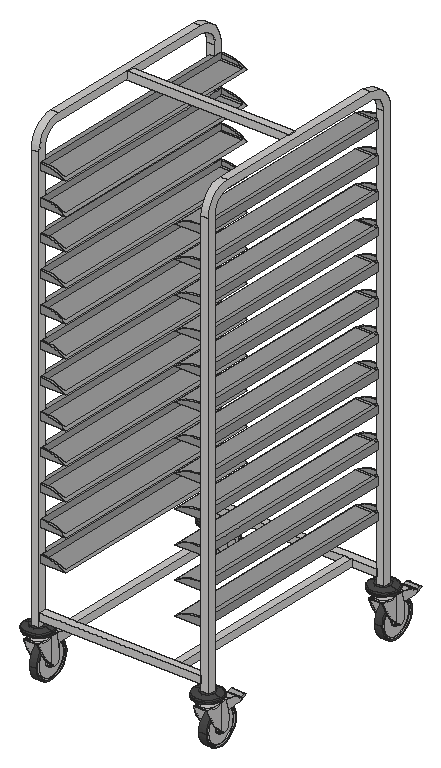
Revit family "QF_BOURGEAT_chariot_cafeteria_dos_a_dos_plateaux_GN1_1_couleur", category Equipement spécialisé, Revit 2015
Parameters (values of type "chariot_modele_haut_glissieres_beiges_sans_panneaux")
  panneaux_lateraux_verts = no
  panneaux_lateraux_rouges = no
  panneaux_lateraux_bleus = no
  URL catalogue = "http://www.bourgeat.fr"
  URL = ""
  Type article = ""
  Spécification du Fabricant = "CHARIOT CAFETERIA"
  Profondeur hors tout = 840 mm
  Poids net à vide = 22.50 kg
  Modèle = "786006"
  Longueur hors tout = 670 mm
  Hauteur hors tout = 1700 mm
  Fabricant = "BOURGEAT"
  Contact SAV = "0033(0)4.76.32.14.44"
  Charge max = 60.00 kg
Types (5, lengths in mm): name | panneaux_lateraux_verts | panneaux_lateraux_rouges | panneaux_lateraux_bleus | Poids net à vide | Modèle
  (no name) | no | no | no | 22.50 kg | "786006"
  chariot_modele_haut_glissieres_beiges_sans_panneaux | no | no | no | 22.50 kg | "786006"
  chariot_modele_haut_glissieres_beiges_avec_2panneaux_bleus | no | no | yes | 28.00 kg | "786306"
  chariot_modele_haut_glissieres_beiges_avec_2panneaux_verts | yes | no | no | 28.00 kg | "786406"
  chariot_modele_haut_glissieres_beiges_avec_2panneaux_rouges | no | yes | no | 28.00 kg | "786506"
Reference planes
  plane 1 "Centre (avant/arrière)": y = 0
  plane 2: z = 0
  plane 3 "Centre (gauche/droite)": x = 0
  plane 4: z = 227.8
  plane 5: z = 182
  plane 6: z = 202.8
  plane 7: y = 12.5
  plane 8: y = -12.5
  plane 9: x = 299
  plane 10: x = -299
  plane 11: z = 1570
  plane 12: z = 1462
  plane 13: z = 1354
  plane 14: z = 1246
  plane 15: z = 1138
  plane 16: z = 1030
  plane 17: z = 922
  plane 18: z = 814
  plane 19: z = 706
  plane 20: z = 598
  plane 21: z = 490
  plane 22: z = 382
  plane 23: z = 1674
  plane 24: y = -371
  plane 25: y = 371
  plane 26: x = -274
  plane 27: y = 152
  plane 28: y = -358.5
  plane 29: y = -383.5
  plane 30: x = -189.5
  plane 31: x = 189.5
  plane 32: x = -164.5
Forms (mm)
  Extrusion 1, solid, material "Acier inoxydable, brossé"
    sketch origin (0, 109.5, 0) x (0, 1, 0) y (0, 0, 1)
      loop
        line (-493, 227.8) -> (-493, 202.8) -> (-468, 202.8) -> (-468, 227.8) -> (-493, 227.8)
      loop
        line (249, 202.8) -> (274, 202.8) -> (274, 227.8) -> (249, 227.8) -> (249, 202.8)
    from -274 to 274
  Extrusion 2, solid, material "Acier inoxydable, brossé"
    sketch origin (0, 0, 0) x (0, 1, 0) y (0, 0, 1)
      loop
        line (-12.5, 1703) -> (-12.5, 1678) -> (12.5, 1678) -> (12.5, 1703) -> (-12.5, 1703)
    from -274 to 274
  Extrusion 3, solid, material "Acier inoxydable, brossé"
    sketch origin (0, 0, 0) x (1, 0, 0) y (0, 0, 1)
      loop
        line (-164.5, 202.8) -> (-164.5, 227.8) -> (-189.5, 227.8) -> (-189.5, 202.8) -> (-164.5, 202.8)
      loop
        line (164.5, 227.8) -> (164.5, 202.8) -> (189.5, 202.8) -> (189.5, 227.8) -> (164.5, 227.8)
    from -358.5 to 358.5
Dimensions and locks
  plane 4 to plane 6 = 25 mm
  plane 10 to plane 9 = 598 mm  (x2)
  Extrusion 2 to plane 2 = 1703 mm
  plane 4 to plane 2 = 227.8 mm
  Extrusion 2 to plane 4 = 1475.2 mm
  plane 10 to plane 3 "Centre (gauche/droite)" = 299 mm
  equal spacing: group 1, group 2, group 3, group 4, group 5, group 6, group 7, group 8, group 9, group 10, group 11, group 12  (x2)
  equal spacing: group 12, group 11, group 10, group 9, group 8, group 7, group 6, group 5, group 4, group 3, group 2, group 1
  aligned and locked: level to plane 2
  aligned and locked: plane 6 to Extrusion 1 sketch curve
  aligned and locked: Extrusion 1 sketch curve to plane 6
  aligned and locked: Extrusion 2 sketch curve to plane 8
  aligned and locked: Extrusion 2 sketch curve to plane 7
  aligned and locked: plane 5 to nested 5
  aligned and locked: plane 5 to nested 6
  aligned and locked: plane 9 to nested 6
  aligned and locked: plane 10 to nested 5
  aligned and locked: nested 2 to nested 5
  aligned and locked: nested 1 to nested 5
  aligned and locked: nested 3 to nested 6
  aligned and locked: nested 4 to nested 6
  aligned and locked: Extrusion 3 sketch curve to plane 4
  aligned and locked: plane 4 to Extrusion 3 sketch curve
  aligned and locked: plane 6 to Extrusion 3 sketch curve
  aligned and locked: Extrusion 3 sketch curve to plane 6
  aligned and locked: Extrusion 1 sketch curve to plane 4
  aligned and locked: plane 24 to nested 3
  aligned and locked: nested 2 to plane 24
  aligned and locked: nested 1 to plane 25
  aligned and locked: plane 25 to nested 4
  aligned and locked: plane 11 to nested 7
  aligned and locked: plane 26 to nested 7
  aligned and locked: plane 26 to nested 8
  aligned and locked: nested 5 to Extrusion 1
  aligned and locked: Extrusion 1 to nested 5
  aligned and locked: Extrusion 3 to Extrusion 1  (x2)
  aligned and locked: nested 31 to plane 1 "Centre (avant/arrière)"
  aligned and locked: nested 32 to plane 1 "Centre (avant/arrière)"
  aligned and locked: plane 23 to nested 35
  aligned and locked: plane 23 to nested 31
  aligned and locked: plane 23 to nested 32
  aligned and locked: plane 23 to nested 36
  aligned and locked: nested 33 to plane 23
  aligned and locked: nested 34 to plane 23
  aligned and locked: nested 35 to nested 7
  aligned and locked: nested 31 to nested 7
  aligned and locked: nested 32 to nested 7
  aligned and locked: nested 36 to nested 19
  aligned and locked: nested 33 to nested 19
  aligned and locked: nested 34 to nested 19
  aligned and locked: nested 6 to Extrusion 2
  aligned and locked: nested 5 to plane 26
  aligned and locked: nested 19 to nested 6
  aligned and locked: nested 20 to nested 6
  aligned and locked: nested 21 to nested 6
  aligned and locked: nested 22 to nested 6
  aligned and locked: nested 3 to Extrusion 1
  aligned and locked: Extrusion 1 to nested 1
  aligned and locked: Extrusion 3 sketch curve to plane 30
Nested families
  nested 1: "ROULETTE_H182" at (-286.5, 371, 0), type "ROULETTE_H182"
    with Sans frein yes, Avec frein yes
  nested 2: "ROULETTE_H182" at (-286.5, -371, 0), type "ROULETTE_H182"
    with Sans frein yes, Avec frein yes
  nested 3: "ROULETTE_H182" at (286.5, -371, 0), type "ROULETTE_H182"
    with Sans frein yes, Avec frein yes
  nested 4: "ROULETTE_H182" at (286.5, 371, 0), type "ROULETTE_H182"
    with Sans frein yes, Avec frein yes
  nested 5: "montant_U_modele_dos_a_dos" at (-286.5, 0, 182) x (0, 1, 0) z (0, 0, 1), type "montant_U_modele_dos_a_dos"
  nested 6: "montant_U_modele_dos_a_dos" at (286.5, 0, 182) x (0, 1, 0) z (0, 0, 1), type "montant_U_modele_dos_a_dos"
  nested 7: "glissiere_polypropylene_beige_lg763" at (-284, 0, 1565), type "glissiere_polypropylene_beige_lg763"
  nested 8: "glissiere_polypropylene_beige_lg763" at (-284, 0, 1457), type "glissiere_polypropylene_beige_lg763"
  nested 9: "glissiere_polypropylene_beige_lg763" at (-284, 0, 1349), type "glissiere_polypropylene_beige_lg763"
  nested 10: "glissiere_polypropylene_beige_lg763" at (-284, 0, 1241), type "glissiere_polypropylene_beige_lg763"
  nested 11: "glissiere_polypropylene_beige_lg763" at (-284, 0, 1133), type "glissiere_polypropylene_beige_lg763"
  nested 12: "glissiere_polypropylene_beige_lg763" at (-284, 0, 1025), type "glissiere_polypropylene_beige_lg763"
  nested 13: "glissiere_polypropylene_beige_lg763" at (-284, 0, 917), type "glissiere_polypropylene_beige_lg763"
  nested 14: "glissiere_polypropylene_beige_lg763" at (-284, 0, 809), type "glissiere_polypropylene_beige_lg763"
  nested 15: "glissiere_polypropylene_beige_lg763" at (-284, 0, 701), type "glissiere_polypropylene_beige_lg763"
  nested 16: "glissiere_polypropylene_beige_lg763" at (-284, 0, 593), type "glissiere_polypropylene_beige_lg763"
  nested 17: "glissiere_polypropylene_beige_lg763" at (-284, 0, 485), type "glissiere_polypropylene_beige_lg763"
  nested 18: "glissiere_polypropylene_beige_lg763" at (-284, 0, 377), type "glissiere_polypropylene_beige_lg763"
  nested 19: "glissiere_polypropylene_beige_lg763" at (284, 0, 1565) x (-1, 0, 0) z (0, 0, 1), type "glissiere_polypropylene_beige_lg763"
  nested 20: "glissiere_polypropylene_beige_lg763" at (284, 0, 1457) x (-1, 0, 0) z (0, 0, 1), type "glissiere_polypropylene_beige_lg763"
  nested 21: "glissiere_polypropylene_beige_lg763" at (284, 0, 1349) x (-1, 0, 0) z (0, 0, 1), type "glissiere_polypropylene_beige_lg763"
  nested 22: "glissiere_polypropylene_beige_lg763" at (284, 0, 1241) x (-1, 0, 0) z (0, 0, 1), type "glissiere_polypropylene_beige_lg763"
  nested 23: "glissiere_polypropylene_beige_lg763" at (284, 0, 1133) x (-1, 0, 0) z (0, 0, 1), type "glissiere_polypropylene_beige_lg763"
  nested 24: "glissiere_polypropylene_beige_lg763" at (284, 0, 1025) x (-1, 0, 0) z (0, 0, 1), type "glissiere_polypropylene_beige_lg763"
  nested 25: "glissiere_polypropylene_beige_lg763" at (284, 0, 917) x (-1, 0, 0) z (0, 0, 1), type "glissiere_polypropylene_beige_lg763"
  nested 26: "glissiere_polypropylene_beige_lg763" at (284, 0, 809) x (-1, 0, 0) z (0, 0, 1), type "glissiere_polypropylene_beige_lg763"
  nested 27: "glissiere_polypropylene_beige_lg763" at (284, 0, 701) x (-1, 0, 0) z (0, 0, 1), type "glissiere_polypropylene_beige_lg763"
  nested 28: "glissiere_polypropylene_beige_lg763" at (284, 0, 593) x (-1, 0, 0) z (0, 0, 1), type "glissiere_polypropylene_beige_lg763"
  nested 29: "glissiere_polypropylene_beige_lg763" at (284, 0, 485) x (-1, 0, 0) z (0, 0, 1), type "glissiere_polypropylene_beige_lg763"
  nested 30: "glissiere_polypropylene_beige_lg763" at (284, 0, 377) x (-1, 0, 0) z (0, 0, 1), type "glissiere_polypropylene_beige_lg763"
  nested 31: "panneaux_lateraux_vert_grand_modele_dos_a_dos" at (-288, 0, 254) x (0, 1, 0) z (0, 0, 1), visible <- "panneaux_lateraux_verts", type "panneaux_lateraux_vert_grand_modele_dos_a_dos"
  nested 32: "panneaux_lateraux_rouge_grand_modele_dos_a_dos" at (-288, 0, 254) x (0, 1, 0) z (0, 0, 1), visible <- "panneaux_lateraux_rouges", type "panneaux_lateraux_rouge_grand_modele_dos_a_dos"
  nested 33: "panneaux_lateraux_vert_grand_modele_dos_a_dos" at (288, 0, 254) x (0, 1, 0) z (0, 0, 1), visible <- "panneaux_lateraux_verts", type "panneaux_lateraux_vert_grand_modele_dos_a_dos"
  nested 34: "panneaux_lateraux_rouge_grand_modele_dos_a_dos" at (288, 0, 254) x (0, 1, 0) z (0, 0, 1), visible <- "panneaux_lateraux_rouges", type "panneaux_lateraux_rouge_grand_modele_dos_a_dos"
  nested 35: "panneaux_lateraux_bleu_grand_modele_dos_a_dos" at (-288, 0, 254) x (0, 1, 0) z (0, 0, 1), visible <- "panneaux_lateraux_bleus", type "panneaux_lateraux_bleu_grand_modele_dos_a_dos"
  nested 36: "panneaux_lateraux_bleu_grand_modele_dos_a_dos" at (284, 0, 254) x (0, 1, 0) z (0, 0, 1), visible <- "panneaux_lateraux_bleus", type "panneaux_lateraux_bleu_grand_modele_dos_a_dos"
Definition of nested family "ROULETTE_H182"
  Parameters (values of type "ROULETTE_H182")
    Sans frein [instance] = yes
    Avec frein [instance] = yes
  Reference planes
    plane 1 "Centre (avant/arrière)": y = 0
    plane 2: z = 0
    plane 3 "Centre (gauche/droite)": x = 0
    plane 4: y = 40.851
    plane 5: z = 62.5
  Forms (mm)
    Extrusion 1, solid
      sketch origin (0, 0, 0) x (0, 1, 0) y (0, 0, 1)
        loop
          circle (40.851, 62.5) r 62.5
        loop
          circle (40.851, 62.5) r 57.5
      from -12.5 to 12.5
    Revolve 2, solid
      sketch origin (0, 0, 30.333) x (1, 0, 0) y (0, 0, 1)
        loop
          line (0, 151.667) -> (-25, 151.667) -> (-45.338, 146.217)
          arc (-45.338, 146.217) -> (-46.897, 145.175) -> (-47.5, 143.4) r 2.917
          line (-47.5, 143.4) -> (-47.5, 138.833)
          arc (-47.5, 138.833) -> (-47.012, 137.655) -> (-45.833, 137.167) r 1.667
          line (-45.833, 137.167) -> (-24.607, 137.167) -> (-24, 132.667) -> (0, 132.667) -> (0, 151.667)
        axis (0, 151.667) -> (0, 132.667)
      angle from 0 to 360
    Revolve 3, solid
      sketch origin (0, 0, 0) x (0, 1, 0) y (0, 0, 1)
        loop
          line (0, 163) -> (-20.149, 163) -> (-20.149, 159.41) -> (-21.6, 159.41)
          arc (-21.6, 159.41) -> (-24.448, 158.65) -> (-26.537, 156.572) r 5.712
          line (-26.537, 156.572) -> (-30.146, 147.743) -> (-26.999, 147.062) -> (-26.999, 146.112)
          arc (-26.999, 146.112) -> (-27.23, 145.314) -> (-27.849, 144.761) r 1.5
          arc (-27.849, 144.761) -> (-29.223, 143.633) -> (-29.923, 142) r 3.75
          line (-29.923, 142) -> (0, 142) -> (0, 163)
        axis (0, 163) -> (0, 142)
      angle from 0 to 360
    Extrusion 4, solid
      sketch origin (0, 0, 0) x (0, 1, 0) y (0, 0, -1)
        loop
          line (-29.974, -138.241) -> (-29.974, -142) -> (21.747, -142) -> (21.747, -60.336)
          arc (21.747, -60.336) -> (10.272, -70.702) -> (-0.149, -82.127) r 160.057
          arc (-0.149, -82.127) -> (-17.883, -108.684) -> (-29.974, -138.241) r 159.585
      from -24.913 to -23.038
    Extrusion 5, solid
      sketch origin (0, 0, 0) x (0, 1, 0) y (0, 0, 1)
        loop
          line (-29.974, 142) -> (-29.974, 140.869) -> (21.747, 140.869) -> (21.747, 142) -> (-29.974, 142)
      from -23.038 to 23.038
    Extrusion 6, solid
      sketch origin (0, 0, 0) x (0, 1, 0) y (0, 0, 1)
        loop
          circle (40.851, 62.5) r 57.5
        loop
          circle (40.851, 62.5) r 55
      from -12.5 to 12.5
    Extrusion 7, solid
      sketch origin (0, 0, 0) x (0, 1, 0) y (0, 0, 1)
        loop
          circle (40.851, 62.5) r 55
      from -7 to 7
    Extrusion 8, solid
      sketch origin (0, 0, 0) x (0, 1, 0) y (0, 0, 1)
        loop
          circle (40.851, 62.5) r 21
      from 7 to 15
    Extrusion 9, solid
      sketch origin (0, 0, 0) x (0, 1, 0) y (0, 0, -1)
        loop
          circle (40.851, -62.5) r 16
      from -23.038 to -15
    Extrusion 10, solid, visible <- "Sans frein"
      sketch origin (0, 0, 0) x (0, 1, 0) y (0, 0, 1)
        loop
          arc (21.747, 60.336) -> (23.188, 59.17) -> (24.642, 58.02) r 161.23
          arc (24.642, 58.02) -> (29.34, 54.513) -> (34.187, 51.216) r 133.333
          arc (34.187, 51.216) -> (46.517, 50.3) -> (53.927, 60.198) r 12.867
          arc (53.927, 60.198) -> (54.714, 99.183) -> (46.119, 137.216) r 161.222
          arc (46.119, 137.216) -> (45.679, 138.887) -> (45.531, 140.609) r 10.076
          line (45.531, 140.609) -> (45.531, 142) -> (21.747, 142) -> (21.747, 60.336)
      from 23.038 to 24.913
    Extrusion 11, solid, visible <- "Sans frein"
      sketch origin (0, 0, 0) x (0, 1, 0) y (0, 0, 1)
        loop
          line (21.747, 142) -> (21.747, 140.701) -> (48.851, 140.701) -> (48.851, 142) -> (21.747, 142)
      from -23.038 to 23.038
    Extrusion 12, solid, visible <- "Avec frein"
      sketch origin (0, 0, 0) x (0, 1, 0) y (0, 0, 1)
        loop
          line (21.747, 142) -> (21.747, 60.336)
          arc (21.747, 60.336) -> (23.177, 59.179) -> (24.62, 58.038) r 160.008
          arc (24.62, 58.038) -> (29.041, 54.705) -> (33.574, 51.527) r 160
          arc (33.574, 51.527) -> (46.135, 50.422) -> (53.724, 60.491) r 13
          arc (53.724, 60.491) -> (55.279, 82.092) -> (53.902, 103.704) r 160
          arc (53.902, 103.704) -> (55.53, 108.653) -> (60.415, 110.463) r 6
          arc (60.415, 110.463) -> (80.625, 109.924) -> (100.725, 112.107) r 150
          arc (100.725, 112.107) -> (104.408, 113.406) -> (107.479, 115.819) r 12
          line (107.479, 115.819) -> (110.851, 121.523)
          arc (110.851, 121.523) -> (85.913, 134.651) -> (58.706, 142) r 127.902
          line (58.706, 142) -> (21.747, 142)
      from 23.038 to 24.913
    Extrusion 13, solid, visible <- "Avec frein"
      sketch origin (0, 0, 0) x (0, 1, 0) y (0, 0, 1)
        loop
          line (58.706, 142) -> (21.747, 142) -> (21.747, 140) -> (58.552, 140)
          arc (58.552, 140) -> (85.253, 132.762) -> (109.73, 119.866) r 125.902
          line (109.73, 119.866) -> (110.851, 121.523)
          arc (110.851, 121.523) -> (85.913, 134.651) -> (58.706, 142) r 127.902
      from -23.038 to 23.038
    Extrusion 14, solid, visible <- "Avec frein"
      sketch origin (0, 19.896, 18.175) x (0, 1, 0) y (0, 0, 1)
        loop
          line (87.583, 97.644) -> (91.829, 95.227)
          arc (91.829, 95.227) -> (93.8, 95.006) -> (95.312, 96.29) r 2.5
          arc (95.312, 96.29) -> (103.495, 100.002) -> (111.176, 104.666) r 74.999
          line (111.176, 104.666) -> (110.852, 105.929)
          arc (110.852, 105.929) -> (110.04, 107.086) -> (108.666, 107.417) r 2
          arc (108.666, 107.417) -> (101.396, 105.849) -> (94.512, 103.034) r 42.354
          line (94.512, 103.034) -> (93.479, 101.228) -> (93.285, 100.414) -> (91.69, 101.675) -> (90.401, 102.412) -> (87.583, 97.644)
      from -23.038 to 23.038
    Extrusion 15, solid, not visible
      sketch origin (0, 0, 0) x (0, 1, 0) y (0, 0, -1)
        loop
          line (-29.974, -138.241) -> (-29.974, -142) -> (21.747, -142) -> (21.747, -60.336)
          arc (21.747, -60.336) -> (10.272, -70.702) -> (-0.149, -82.127) r 160.057
          arc (-0.149, -82.127) -> (-17.883, -108.684) -> (-29.974, -138.241) r 159.585
      from -24.913 to -23.038
    Extrusion 16, solid, not visible
      sketch origin (0, 0, 0) x (0, 1, 0) y (0, 0, 1)
        loop
          circle (40.851, 62.5) r 21
      from 7 to 15
    Extrusion 17, solid, not visible
      sketch origin (0, 0, 0) x (0, 1, 0) y (0, 0, -1)
        loop
          circle (40.851, -62.5) r 16
      from -23.038 to -15
    Extrusion 18, solid, visible <- "Sans frein", not visible
      sketch origin (0, 0, 0) x (0, 1, 0) y (0, 0, 1)
        loop
          arc (21.747, 60.336) -> (23.188, 59.17) -> (24.642, 58.02) r 161.23
          arc (24.642, 58.02) -> (29.34, 54.513) -> (34.187, 51.216) r 133.333
          arc (34.187, 51.216) -> (46.517, 50.3) -> (53.927, 60.198) r 12.867
          arc (53.927, 60.198) -> (54.714, 99.183) -> (46.119, 137.216) r 161.222
          arc (46.119, 137.216) -> (45.679, 138.887) -> (45.531, 140.609) r 10.076
          line (45.531, 140.609) -> (45.531, 142) -> (21.747, 142) -> (21.747, 60.336)
      from 23.038 to 24.913
    Extrusion 19, solid, visible <- "Avec frein", not visible
      sketch origin (0, 0, 0) x (0, 1, 0) y (0, 0, 1)
        loop
          line (21.747, 142) -> (21.747, 60.336)
          arc (21.747, 60.336) -> (23.177, 59.179) -> (24.62, 58.038) r 160.008
          arc (24.62, 58.038) -> (29.041, 54.705) -> (33.574, 51.527) r 160
          arc (33.574, 51.527) -> (46.135, 50.422) -> (53.724, 60.491) r 13
          arc (53.724, 60.491) -> (55.279, 82.092) -> (53.902, 103.704) r 160
          arc (53.902, 103.704) -> (55.53, 108.653) -> (60.415, 110.463) r 6
          arc (60.415, 110.463) -> (80.625, 109.924) -> (100.725, 112.107) r 150
          arc (100.725, 112.107) -> (104.408, 113.406) -> (107.479, 115.819) r 12
          line (107.479, 115.819) -> (110.851, 121.523)
          arc (110.851, 121.523) -> (85.913, 134.651) -> (58.706, 142) r 127.902
          line (58.706, 142) -> (21.747, 142)
      from 23.038 to 24.913
    Extrusion 20, solid
      sketch origin (0, 0, 0) x (0, -1, 0) y (0, 0, -1)
        loop
          arc (29.974, -138.241) -> (17.883, -108.684) -> (0.149, -82.127) r 159.585
          arc (0.149, -82.127) -> (-10.272, -70.702) -> (-21.747, -60.336) r 160.057
          line (-21.747, -60.336) -> (-21.747, -142) -> (29.974, -142) -> (29.974, -138.241)
      from -24.913 to -23.038
    Extrusion 21, solid
      sketch origin (0, 0, 0) x (0, -1, 0) y (0, 0, 1)
        loop
          circle (-40.851, 62.5) r 21
      from 7 to 15
    Extrusion 22, solid
      sketch origin (0, 0, 0) x (0, -1, 0) y (0, 0, -1)
        loop
          circle (-40.851, -62.5) r 16
      from -23.038 to -15
    Extrusion 23, solid, visible <- "Sans frein"
      sketch origin (0, 0, 0) x (0, -1, 0) y (0, 0, 1)
        loop
          line (-21.747, 60.336) -> (-21.747, 142) -> (-45.531, 142) -> (-45.531, 140.609)
          arc (-45.531, 140.609) -> (-45.679, 138.887) -> (-46.119, 137.216) r 10.076
          arc (-46.119, 137.216) -> (-54.714, 99.183) -> (-53.927, 60.198) r 161.222
          arc (-53.927, 60.198) -> (-46.517, 50.3) -> (-34.187, 51.216) r 12.867
          arc (-34.187, 51.216) -> (-29.34, 54.513) -> (-24.642, 58.02) r 133.333
          arc (-24.642, 58.02) -> (-23.188, 59.17) -> (-21.747, 60.336) r 161.23
      from 23.038 to 24.913
    Extrusion 24, solid, visible <- "Avec frein"
      sketch origin (0, 0, 0) x (0, -1, 0) y (0, 0, 1)
        loop
          line (-21.747, 142) -> (-58.706, 142)
          arc (-58.706, 142) -> (-85.913, 134.651) -> (-110.851, 121.523) r 127.902
          line (-110.851, 121.523) -> (-107.479, 115.819)
          arc (-107.479, 115.819) -> (-104.408, 113.406) -> (-100.725, 112.107) r 12
          arc (-100.725, 112.107) -> (-80.625, 109.924) -> (-60.415, 110.463) r 150
          arc (-60.415, 110.463) -> (-55.53, 108.653) -> (-53.902, 103.704) r 6
          arc (-53.902, 103.704) -> (-55.279, 82.092) -> (-53.724, 60.491) r 160
          arc (-53.724, 60.491) -> (-46.135, 50.422) -> (-33.574, 51.527) r 13
          arc (-33.574, 51.527) -> (-29.041, 54.705) -> (-24.62, 58.038) r 160
          arc (-24.62, 58.038) -> (-23.177, 59.179) -> (-21.747, 60.336) r 160.008
          line (-21.747, 60.336) -> (-21.747, 142)
      from 23.038 to 24.913
  Dimensions and locks
    aligned and locked: level to plane 2
Definition of nested family "montant_U_modele_dos_a_dos"
  Reference planes
    plane 1 "Centre (avant/arrière)": y = 0
    plane 2: z = 0
    plane 3 "Centre (gauche/droite)": x = 0
    plane 4: z = 1508.5
  Forms (mm)
    Sweep 1, solid
      path origin (0, 0, 0) x (1, 0, 0) y (0, 0, 1)
        loop
          line (-371, 0) -> (-371, 1438.5)
          arc (-371, 1438.5) -> (-350.497, 1487.997) -> (-301, 1508.5) r 70
          line (-301, 1508.5) -> (301, 1508.5)
          arc (301, 1508.5) -> (350.497, 1487.997) -> (371, 1438.5) r 70
          line (371, 1438.5) -> (371, 0)
      profile origin (-371, 0, 719.25) x (-1, 0, 0) y (0, -1, 0)
        loop
          line (-12.5, -12.5) -> (12.5, -12.5) -> (12.5, 12.5) -> (-12.5, 12.5) -> (-12.5, -12.5)
  Dimensions and locks
    plane 4 to plane 2 = 1508.5 mm
    Sweep 1 to Sweep 1 = 767 mm
    Sweep 1 sketch curve to plane 3 "Centre (gauche/droite)" to Sweep 1 sketch curve = 371 mm, 371 mm
    aligned and locked: level to plane 2
Definition of nested family "glissiere_polypropylene_beige_lg763"
  Reference planes
    plane 1 "Centre (avant/arrière)": y = 0
    plane 2: z = 0
    plane 3 "Centre (gauche/droite)": x = 0
    plane 4: z = 25
    plane 5: x = 100
    plane 6: x = 22
    plane 7: y = 381.5
    plane 8: y = -381.5
    plane 9: x = 15
    plane 10: y = -376.5
    plane 11: z = 5
    plane 12: y = 376.5
    plane 13: y = 351.5
    plane 14: y = -356.7
    plane 15: x = 10
  Forms (mm)
    Extrusion 1, solid
      sketch origin (0, 0, 0) x (1, 0, 0) y (0, 0, 1)
        loop
          line (0, 25) -> (0, 0) -> (100, 0)
          arc (100, 0) -> (62.954, 18.597) -> (22, 25) r 134.18
          line (22, 25) -> (0, 25)
      from -381.5 to 381.5
    Extrusion 2, void
      sketch origin (0, 0, 0) x (0, 1, 0) y (0, 0, 1)
        loop
          line (-373, 5) -> (373, 5)
          arc (373, 5) -> (375.475, 6.025) -> (376.5, 8.5) r 3.5
          line (376.5, 8.5) -> (376.5, 43.902) -> (-376.5, 43.902) -> (-376.5, 8.5)
          arc (-376.5, 8.5) -> (-375.475, 6.025) -> (-373, 5) r 3.5
      from 15 to 250
    Extrusion 3, void
      sketch origin (0, 0, 0) x (1, 0, 0) y (0, 1, 0)
        loop
          line (10, 421.5) -> (-26.988, 421.5) -> (-26.988, 351.5) -> (10, 351.5) -> (10, 421.5)
        loop
          line (10, -460.522) -> (10, -356.7) -> (-17.716, -356.7) -> (-17.716, -460.522) -> (10, -460.522)
      from -29.595 to 250
  Cuts and joins
    Extrusion 2, Extrusion 3 cuts Extrusion 1
  Dimensions and locks
    locked: plane 3 "Centre (gauche/droite)" to plane 15 at 10  (x2)
    locked: plane 14 to plane 8 at 24.8
    locked: plane 10 to plane 8 at 5
    locked: plane 7 to plane 12 at 5
    plane 12 to plane 13 = 25 mm
    locked: plane 7 to plane 8 at 763
    plane 7 to plane 1 "Centre (avant/arrière)" to plane 8 = 381.5 mm, 381.5 mm
    aligned and locked: level to plane 2
    aligned and locked: Extrusion 1 sketch curve to plane 3 "Centre (gauche/droite)"
    aligned and locked: Extrusion 1 sketch curve to plane 2
    aligned and locked: Extrusion 1 sketch curve to plane 4
    aligned and locked: plane 7 to Extrusion 1
    aligned and locked: plane 8 to Extrusion 1
    aligned and locked: Extrusion 2 sketch curve to plane 11
    aligned and locked: Extrusion 2 sketch curve to plane 10
    aligned and locked: plane 12 to Extrusion 2 sketch curve
    aligned and locked: Extrusion 2 to plane 9
    aligned and locked: Extrusion 3 sketch curve to plane 15  (x2)
    aligned and locked: cut or joined group of Extrusion 1, Extrusion 2, Extrusion 3 to plane 13
    aligned and locked: plane 14 to Extrusion 3
Definition of nested family "panneaux_lateraux_vert_grand_modele_dos_a_dos"
  Reference planes
    plane 1 "Centre (avant/arrière)": y = 0
    plane 2: z = 0
    plane 3 "Centre (gauche/droite)": x = 0
    plane 4: x = -353.5
    plane 5: x = 353.5
    plane 6: z = 1420
    plane 7: y = -4
  Forms (mm)
    Extrusion 1, solid
      sketch origin (0, 0, 0) x (1, 0, 0) y (0, 0, 1)
        loop
          arc (-301, 1420) -> (-338.123, 1404.623) -> (-353.5, 1367.5) r 52.5
          line (-353.5, 1367.5) -> (-353.5, 0) -> (353.5, 0) -> (353.5, 1367.5)
          arc (353.5, 1367.5) -> (338.123, 1404.623) -> (301, 1420) r 52.5
          line (301, 1420) -> (-301, 1420)
      from 0 to 4
  Dimensions and locks
    plane 6 to plane 2 = 1420 mm
    plane 4 to plane 3 "Centre (gauche/droite)" to plane 5 = 353.5 mm locked, 353.5 mm
    plane 4 to plane 5 = 707 mm
    aligned and locked: level to plane 2
    aligned and locked: Extrusion 1 sketch curve to plane 6
    aligned and locked: Extrusion 1 sketch curve to plane 4
    aligned and locked: plane 2 to Extrusion 1 sketch curve
    aligned and locked: Extrusion 1 sketch curve to plane 5
    aligned and locked: Extrusion 1 to plane 7
Definition of nested family "panneaux_lateraux_rouge_grand_modele_dos_a_dos"
  Reference planes
    plane 1 "Centre (avant/arrière)": y = 0
    plane 2: z = 0
    plane 3 "Centre (gauche/droite)": x = 0
    plane 4: x = -353.5
    plane 5: x = 353.5
    plane 6: z = 1420
    plane 7: y = -4
  Forms (mm)
    Extrusion 1, solid
      sketch origin (0, 0, 0) x (1, 0, 0) y (0, 0, 1)
        loop
          arc (-301, 1420) -> (-338.123, 1404.623) -> (-353.5, 1367.5) r 52.5
          line (-353.5, 1367.5) -> (-353.5, 0) -> (353.5, 0) -> (353.5, 1367.5)
          arc (353.5, 1367.5) -> (338.123, 1404.623) -> (301, 1420) r 52.5
          line (301, 1420) -> (-301, 1420)
      from 0 to 4
  Dimensions and locks
    plane 6 to plane 2 = 1420 mm
    locked: plane 4 to plane 3 "Centre (gauche/droite)" at 353.5
    plane 5 to plane 3 "Centre (gauche/droite)" = 353.5 mm
    plane 4 to plane 5 = 707 mm
    aligned and locked: level to plane 2
    aligned and locked: Extrusion 1 sketch curve to plane 6
    aligned and locked: Extrusion 1 sketch curve to plane 4
    aligned and locked: plane 2 to Extrusion 1 sketch curve
    aligned and locked: Extrusion 1 sketch curve to plane 5
    aligned and locked: Extrusion 1 to plane 7
Definition of nested family "panneaux_lateraux_bleu_grand_modele_dos_a_dos"
  Reference planes
    plane 1 "Centre (avant/arrière)": y = 0
    plane 2: z = 0
    plane 3 "Centre (gauche/droite)": x = 0
    plane 4: x = -353.5
    plane 5: x = 353.5
    plane 6: z = 1420
    plane 7: y = -4
  Forms (mm)
    Extrusion 1, solid
      sketch origin (0, 0, 0) x (1, 0, 0) y (0, 0, 1)
        loop
          arc (-301, 1420) -> (-338.123, 1404.623) -> (-353.5, 1367.5) r 52.5
          line (-353.5, 1367.5) -> (-353.5, 0) -> (353.5, 0) -> (353.5, 1367.5)
          arc (353.5, 1367.5) -> (338.123, 1404.623) -> (301, 1420) r 52.5
          line (301, 1420) -> (-301, 1420)
      from 0 to 4
  Dimensions and locks
    locked: plane 4 to plane 3 "Centre (gauche/droite)" at 353.5
    plane 5 to plane 3 "Centre (gauche/droite)" = 353.5 mm
    plane 6 to plane 2 = 1420 mm
    plane 4 to plane 5 = 707 mm
    aligned and locked: level to plane 2
    aligned and locked: Extrusion 1 sketch curve to plane 6
    aligned and locked: Extrusion 1 sketch curve to plane 4
    aligned and locked: plane 2 to Extrusion 1 sketch curve
    aligned and locked: Extrusion 1 sketch curve to plane 5
    aligned and locked: Extrusion 1 to plane 7
